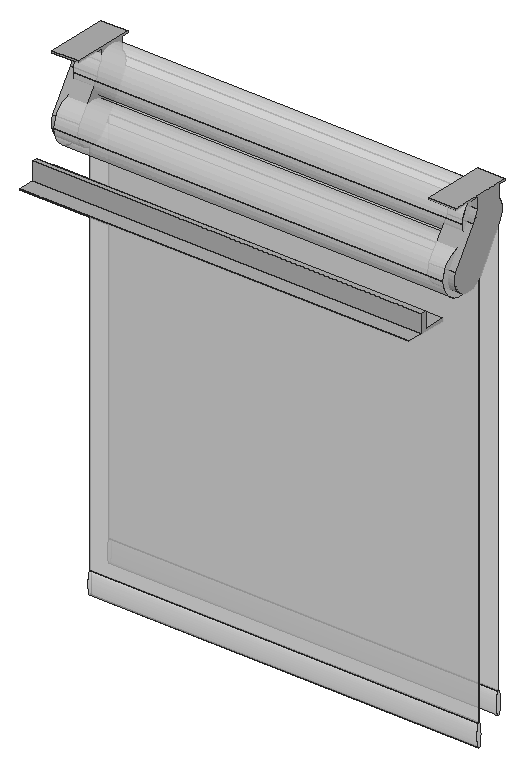
Revit family "Window-Treatment_Solar-Shade_SWFcontract_Motorized-Dual", category Specialty Equipment, Revit 2026
Family settings
  Round Connector Dimension = Use Diameter
  Part Type = Normal
  Classification Number = 23.30.60.14.21
  Work Plane-Based = Yes
  Enable Cutting in Views = No
  Always vertical = No
  Cut with Voids When Loaded = No
  Maintain Annotation Orientation = No
  Shared = No
  Room Calculation Point = No
Parameters
  rollrad [instance] = Roll Diameter / 2  # 0' - 1 13/16"
  pocketlipcontrol [instance] = if(Pocket with No Lip, 0' 0", 0' 0 1/2")  # 0' - 0 1/2"
  percentopenr [instance] = (Unit Height - (0' 2 1/16" + 0' 3")) - ((Unit Height - (0' 2 1/16" + 0' 3")) * (Percent Open / 100))  # 2' - 9 15/32"
  percentopenf [instance] = (Unit Height - (0' 5 9/16" + 0' 3")) - ((Unit Height - (0' 5 9/16" + 0' 3")) * (Percent Open / 100))  # 2' - 7 23/32"
  fasciahcontrol = if(Fascia Height = 0' 0", 0' 1", Fascia Height)  # 0' - 8"
  fasciadcontrol = if(Fascia Depth = 0' 0", 0' 1", Fascia Depth)  # 0' - 7 1/2"
  controlchainlocate = if(Blackout Option, 0' 2 1/4", 0' 0 1/4")  # 0' - 0 1/4"
  Without Fascia = yes
  With Fascia = not(Without Fascia)  # no
  Warranty Duration (Years) = 0
  Unit Width = 2' - 8"
  Unit Height = 6' - 0"
  URL = "http://www.swfcontract.com/Pages/Home.aspx"
  Specification = "http://www.arcat.com/sdspecs/htm/12490swf.htm"
  SpecWizard = "http://www.arcat.com/specwizard/clients/springsw.html?coid=46294"
  Shade Material_Interior [instance] = Fabric - SWFcontract - Solar as Specified
  Shade Material_Exterior [instance] = Fabric - SWFcontract - Solar as Specified
  Send Message = "http://www.arcat.com/users.pl?action=UserEmail&company=SWFcontract&coid=46294&rep=147&fax=&mf="
  Sales Information = "http://www.swfcontract.com/Pages/Contact-Us.aspx"
  Roll Inner Tube Diameter [instance] = 0' - 0.94726"
  Roll Diameter [instance] = 0' - 3 5/8"
  Revision = "R1_03-2014"
  Product Properties = ""
  Product Data = "http://www.arcat.com/arcatcos/cos46/arc46294.html"
  Pocket with No Lip [instance] = no
  Pocket Closure Depth [instance] = 0' - 2 1/8"
  Pocket Closure = yes
  Percent Open [instance] = 50
  Model = "As Specified"
  Manufacturer Website = "http://www.swfcontract.com/Pages/Home.aspx"
  Manufacturer Phone - Toll Free = "800-327-9798"
  Manufacturer Phone = ""
  Manufacturer Fax = ""
  Manufacturer Address = "7549 Graber Rd.  Middleton, WI 53562-1096"
  Manufacturer = "SWFcontract"
  Maintenance Schedule (Months) = 0
  Keynote = "12490"
  Installation-Fabrication = ""
  Installation Phase = ""
  Green Building-LEED = "http://www.arcat.com/green/clients/leed_data_46294.html"
  Fixture Material [instance] = Metal - Aluminum - SWFcontract - Finish as Specified
  Fascia Height = 0' - 8"
  Fascia Depth = 0' - 7 1/2"
  Fabric Inset = 0' - 0 9/16"
  Expected Lifespan (Years) = 0
  Electrical_Voltage [instance] = 0 V
  Electric Motor = "as Specified"
  Drawn By = "Sumex Design, Inc. / Robert S. Weygant, CSI, CDT, SCIP"
  Description = "SWFcontract Window Treatment as Specified"
  Default Elevation = 0' - 0"
  Copyright = "©Arcat Inc."
  Control Chain Right [instance] = yes
  Control Chain Left [instance] = not(Control Chain Right)  # no
  Construction Details = "http://www.arcat.com/details/springsw/springsw.html?coid=46294"
  Blackout Option = no
  Available Options = "as Specified"
  Assembly Code = "E2010320"
Reference planes (in)
  plane 1 "Vertical Surface": y = 0
  plane 2 "Bottom": z = 0
  plane 3 "Center (Left/Right)": x = 0
  plane 4 "Left": x = -16
  plane 5 "Right": x = 16
  plane 6 "Top": z = 72
  plane 7: y = -7.5
  plane 8: z = 64
  plane 9: z = 70
  plane 10: x = -15.4375
  plane 11: x = 15.4375
  plane 12: z = 33.53125
  plane 13: z = 69
  plane 14: z = 32.09375
  plane 15: z = 67
  plane 16: z = 63.8125
  plane 17: z = 66.8125
  plane 18: y = -1.625
  plane 19: y = -3.5625
Forms (in)
  Extrusion 1, solid, material "Fabric - SWFcontract - Solar as Specified" <- "Shade Material_Exterior"
    sketch origin (0, 0, 0) x (0, 1, 0) y (0, 0, 1)
      loop
        circle (-1.625, 70) r 1.8125
    from -15.4375 to 15.4375
  Extrusion 2, solid, material "Fabric - SWFcontract - Solar as Specified" <- "Shade Material_Exterior"
    sketch origin (0, 0, 0) x (0, 1, 0) y (0, 0, 1)
      loop
        line (0.1875, 70) -> (0.09375, 70) -> (0.09375, 35.28125)
        spline (0.09375, 35.28125) -> (0.05331, 35.25144) -> (0.01562, 35.16402) -> (-0.01674, 35.02497) -> (-0.04157, 34.84375) -> (-0.05718, 34.63272) -> (-0.0625, 34.40625) -> (-0.05718, 34.17978) -> (-0.04157, 33.96875) -> (-0.01674, 33.78753) -> (0.01562, 33.64848) -> (0.05331, 33.56106) -> (0.09375, 33.53125)
        line (0.09375, 33.53125) -> (0.1875, 33.53125)
        spline (0.1875, 33.53125) -> (0.22782, 33.56106) -> (0.26539, 33.64848) -> (0.29766, 33.78753) -> (0.32241, 33.96875) -> (0.33798, 34.17978) -> (0.34329, 34.40625) -> (0.33798, 34.63272) -> (0.32241, 34.84375) -> (0.29766, 35.02497) -> (0.26539, 35.16402) -> (0.22782, 35.25144) -> (0.1875, 35.28125)
        line (0.1875, 35.28125) -> (0.1875, 70)
    from -15.4375 to 15.4375
  Extrusion 3, solid, material "Metal - Aluminum - SWFcontract - Finish as Specified" <- "Fixture Material", visible <- "Blackout Option"
    sketch origin (0, 0, 0) x (1, 0, 0) y (0, 0, 1)
      loop
        line (-16, 0) -> (16, 0) -> (16, 69) -> (14, 69) -> (14, 2) -> (-14, 2) -> (-14, 69) -> (-16, 69) -> (-16, 0)
    from 0 to 1
  Extrusion 4, solid, material "Metal - Aluminum - SWFcontract - Finish as Specified" <- "Fixture Material", visible <- "Pocket Closure"
    sketch origin (0, 0, 0) x (0, 1, 0) y (0, 0, 1)
      loop
        line (-5.375, 64) -> (-5.375, 64.25) -> (-7.125, 64.25) -> (-7.125, 65.5) -> (-7.5, 65.5) -> (-7.5, 64.0625) -> (-8.75, 64.0625) -> (-8.75, 64) -> (-5.375, 64)
    from -15.4375 to 15.4375
  Extrusion 5, solid, material "Metal - Aluminum - SWFcontract - Finish as Specified" <- "Fixture Material", visible <- "Without Fascia"
    sketch origin (16, 16.34522, 48) x (0, 1, 0) y (0, 0, 1)
      loop
        line (-19.34292, 22.07951) -> (-21.15231, 19.39697)
        arc (-21.15231, 19.39697) -> (-20.60015, 17.62458) -> (-18.78581, 18.01755) r 1.375
        line (-18.78581, 18.01755) -> (-16.79589, 21.28476)
        arc (-16.79589, 21.28476) -> (-16.60096, 22.12549) -> (-16.94545, 22.91678) r 1.375
        line (-16.94545, 22.91678) -> (-16.94545, 23.84375) -> (-16.34522, 23.84375) -> (-16.34522, 24) -> (-21.22022, 24) -> (-21.22022, 23.84375) -> (-18.94545, 23.84375) -> (-18.94545, 22.9693)
        arc (-18.94545, 22.9693) -> (-19.22566, 22.5608) -> (-19.34292, 22.07951) r 1.375
    from 0 to -2.125
  Extrusion 6, solid, material "Metal - Aluminum - SWFcontract - Finish as Specified" <- "Fixture Material", visible <- "Without Fascia"
    sketch origin (-16, 16.34522, 48) x (0, 1, 0) y (0, 0, 1)
      loop
        line (-19.34292, 22.07951) -> (-21.15231, 19.39697)
        arc (-21.15231, 19.39697) -> (-20.60015, 17.62458) -> (-18.78581, 18.01755) r 1.375
        line (-18.78581, 18.01755) -> (-16.79589, 21.28476)
        arc (-16.79589, 21.28476) -> (-16.60096, 22.12549) -> (-16.94545, 22.91678) r 1.375
        line (-16.94545, 22.91678) -> (-16.94545, 23.84375) -> (-16.34522, 23.84375) -> (-16.34522, 24) -> (-21.22022, 24) -> (-21.22022, 23.84375) -> (-18.94545, 23.84375) -> (-18.94545, 22.9693)
        arc (-18.94545, 22.9693) -> (-19.22566, 22.5608) -> (-19.34292, 22.07951) r 1.375
    from 0 to 2.125
  Extrusion 7, solid, material "Metal - Aluminum - SWFcontract - Finish as Specified" <- "Fixture Material", visible <- "With Fascia"
    sketch origin (-16, 16.34522, 48) x (0, 1, 0) y (0, 0, 1)
      loop
        line (-18.40772, 17.6875) -> (-16.34522, 17.6875) -> (-16.34522, 24) -> (-21.22022, 24) -> (-21.22022, 22.75) -> (-22.25147, 22.75) -> (-22.25147, 23.625) -> (-22.40772, 23.625) -> (-22.40772, 16.125) -> (-21.90772, 16.125) -> (-21.90772, 17.6875) -> (-21.40772, 17.6875)
        arc (-21.40772, 17.6875) -> (-19.90772, 16.9375) -> (-18.40772, 17.6875) r 1.875
    from 0 to 2.125
  Extrusion 8, solid, material "Metal - Aluminum - SWFcontract - Finish as Specified" <- "Fixture Material", visible <- "With Fascia"
    sketch origin (16, 16.34522, 48) x (0, 1, 0) y (0, 0, 1)
      loop
        line (-16.34522, 24) -> (-21.22022, 24) -> (-21.22022, 22.75) -> (-22.25147, 22.75) -> (-22.25147, 23.625) -> (-22.40772, 23.625) -> (-22.40772, 16.125) -> (-21.90772, 16.125) -> (-21.90772, 17.6875) -> (-21.40772, 17.6875)
        arc (-21.40772, 17.6875) -> (-19.90772, 16.9375) -> (-18.40772, 17.6875) r 1.875
        line (-18.40772, 17.6875) -> (-16.34522, 17.6875) -> (-16.34522, 24)
    from 0 to -2.125
  Extrusion 9, solid, material "Metal - Aluminum - SWFcontract - Finish as Specified" <- "Fixture Material", visible <- "With Fascia"
    sketch origin (0, 0, 0) x (0, 1, 0) y (0, 0, 1)
      loop
        line (-5.68625, 71.6875) -> (-6.18625, 71.6875) -> (-6.18625, 64.0625) -> (-3.85323, 64.0625) -> (-3.85323, 64.625) -> (-6.0625, 64.625) -> (-6.0625, 71.625) -> (-5.81125, 71.625) -> (-5.81125, 71.5625) -> (-5.68625, 71.5625) -> (-5.68625, 71.6875)
    from -16 to 16
  Extrusion 10, void
    sketch origin (0, 0, 0) x (0, 1, 0) y (0, 0, 1)
      loop
        line (-7.5, 64.5) -> (-7.5, 65) -> (-9, 65) -> (-9, 64.5) -> (-7.5, 64.5)
    from -16 to 16
  Extrusion 11, solid, material "Fabric - SWFcontract - Solar as Specified" <- "Shade Material_Interior"
    sketch origin (0, 0, 0) x (0, 1, 0) y (0, 0, 1)
      loop
        circle (-3.5625, 66.8125) r 1.8125
    from -15.4375 to 15.4375
  Extrusion 12, solid, material "Fabric - SWFcontract - Solar as Specified" <- "Shade Material_Interior"
    sketch origin (0, 0, 0) x (0, 1, 0) y (0, 0, 1)
      loop
        line (-1.75, 66.8125) -> (-1.84375, 66.8125) -> (-1.84375, 33.84375)
        spline (-1.84375, 33.84375) -> (-1.88419, 33.81394) -> (-1.92188, 33.72652) -> (-1.95424, 33.58747) -> (-1.97907, 33.40625) -> (-1.99468, 33.19522) -> (-2, 32.96875) -> (-1.99468, 32.74228) -> (-1.97907, 32.53125) -> (-1.95424, 32.35003) -> (-1.92188, 32.21098) -> (-1.88419, 32.12356) -> (-1.84375, 32.09375)
        line (-1.84375, 32.09375) -> (-1.75, 32.09375)
        spline (-1.75, 32.09375) -> (-1.70968, 32.12356) -> (-1.67211, 32.21098) -> (-1.63984, 32.35003) -> (-1.61509, 32.53125) -> (-1.59952, 32.74228) -> (-1.59421, 32.96875) -> (-1.59952, 33.19522) -> (-1.61509, 33.40625) -> (-1.63984, 33.58747) -> (-1.67211, 33.72652) -> (-1.70968, 33.81394) -> (-1.75, 33.84375)
        line (-1.75, 33.84375) -> (-1.75, 66.8125)
    from -15.4375 to 15.4375
Cuts and joins
  Extrusion 10 cuts Extrusion 2
  joined: Extrusion 1, Extrusion 2
  Extrusion 10 cuts Extrusion 4
  joined: Extrusion 11, Extrusion 12
Dimensions and locks (in)
  equal spacing: plane 4 "Left", plane 3 "Center (Left/Right)", plane 5 "Right"
  "Unit Width": plane 4 "Left" to plane 5 "Right"
  "Unit Height": plane 6 "Top" to level
  "Roll Diameter": Extrusion 1 sketch curve to Extrusion 1 sketch curve
  locked: plane 9 to Extrusion 1 sketch curve at 0
  "Fabric Inset": plane 10 to plane 4 "Left"
  "Fabric Inset": plane 5 "Right" to plane 11
  "fasciahcontrol": plane 6 "Top" to plane 8
  "fasciadcontrol": plane 7 to plane 1 "Vertical Surface"
  locked: Extrusion 2 sketch curve to Extrusion 2 sketch curve at 0.09375
  locked: Extrusion 2 sketch curve to Extrusion 2 sketch curve at 0.15579
  locked: Extrusion 2 sketch curve to Extrusion 2 sketch curve at 0.15625
  Extrusion 2 sketch curve to Extrusion 2 sketch curve to plane 12 = 0' - 0 7/8" locked, 0' - 0 7/8" locked  (x2)
  locked: Extrusion 3 sketch curve to level at 2
  locked: plane 5 "Right" to Extrusion 3 sketch curve at 2
  locked: Extrusion 3 sketch curve to plane 4 "Left" at 2
  locked: Extrusion 4 sketch curve to plane 7 at 1.25
  "Pocket Closure Depth": plane 7 to Extrusion 4 sketch curve
  Extrusion 4 sketch curve to Extrusion 4 sketch curve to Extrusion 4 sketch curve to plane 8 = 0' - 1 1/4" locked, 0' - 0 3/16" locked, 0' - 0 1/16" locked
  locked: plane 6 "Top" to plane 9 at 2
  locked: plane 6 "Top" to plane 13 at 3
  plane 6 "Top" to Extrusion 9 sketch curve to Extrusion 9 sketch curve to Extrusion 9 sketch curve to Extrusion 9 sketch curve to Extrusion 9 sketch curve = 0' - 0 5/16" locked, 0' - 0 1/16" locked, 0' - 0 1/16" locked, 0' - 6 15/16" locked, 0' - 0 9/16" locked
  Extrusion 9 sketch curve to Extrusion 9 sketch curve to Extrusion 9 sketch curve to Extrusion 9 sketch curve to Extrusion 9 sketch curve to plane 1 "Vertical Surface" = 0' - 0.12375" locked, 0' - 0.25125" locked, 0' - 0 1/8" locked, 0' - 1.83302" locked, 0' - 3.85323" locked
  "pocketlipcontrol": Extrusion 10 sketch curve to plane 8
  locked: Extrusion 10 sketch curve to plane 8 at 1
  locked: Extrusion 10 sketch curve to plane 7 at 1.5
  locked: plane 9 to plane 15 at 3
  locked: plane 6 "Top" to plane 17 at 5.1875
  locked: plane 16 to plane 17 at 3
  "percentopenr": plane 15 to plane 12
  "percentopenf": plane 16 to plane 14
  "Roll Diameter": Extrusion 11 sketch curve to Extrusion 11 sketch curve
  locked: Extrusion 11 sketch curve to plane 17 at 0
  locked: Extrusion 12 sketch curve to Extrusion 12 sketch curve at 0.09375
  locked: Extrusion 12 sketch curve to Extrusion 12 sketch curve at 0.15579
  locked: Extrusion 12 sketch curve to Extrusion 12 sketch curve at 0.15625
  locked: Extrusion 12 sketch curve to Extrusion 12 sketch curve at 0.875  (x2)
  locked: Extrusion 12 sketch curve to plane 14 at 0.875  (x2)
  Extrusion 5 sketch curve to Extrusion 5 sketch curve to Extrusion 5 sketch curve to plane 1 "Vertical Surface" = 0' - 2.27477" locked, 0' - 2" locked, 0' - 0.60023" locked
  locked: plane 6 "Top" to Extrusion 5 sketch curve at 5.1875
  locked: plane 6 "Top" to Extrusion 5 sketch curve at 2  (x2)
  locked: Extrusion 5 sketch curve to plane 1 "Vertical Surface" at 1.625  (x2)
  locked: Extrusion 5 sketch curve to plane 1 "Vertical Surface" at 3.5625
  Extrusion 6 sketch curve to Extrusion 6 sketch curve to Extrusion 6 sketch curve to plane 1 "Vertical Surface" = 0' - 2.27477" locked, 0' - 2" locked, 0' - 0.60023" locked
  locked: plane 6 "Top" to Extrusion 6 sketch curve at 2  (x2)
  locked: plane 6 "Top" to Extrusion 6 sketch curve at 5.1875
  locked: Extrusion 6 sketch curve to plane 1 "Vertical Surface" at 1.625  (x2)
  locked: Extrusion 6 sketch curve to plane 1 "Vertical Surface" at 3.5625
  locked: plane 18 to plane 1 "Vertical Surface" at 1.625
  locked: Extrusion 1 sketch curve to plane 18
  "rollrad": plane 18 to Extrusion 2 sketch curve
  locked: plane 19 to plane 1 "Vertical Surface" at 3.5625
  locked: Extrusion 11 sketch curve to plane 19
  "rollrad": plane 19 to Extrusion 12 sketch curve
  Extrusion 8 sketch curve to Extrusion 8 sketch curve to Extrusion 8 sketch curve to Extrusion 8 sketch curve to plane 1 "Vertical Surface" = 0' - 0 1/2" locked, 0' - 0 1/2" locked, 0' - 3" locked, 0' - 2 1/16" locked
  Extrusion 8 sketch curve to Extrusion 8 sketch curve to plane 1 "Vertical Surface" = 0' - 1 1/32" locked, 0' - 4 7/8" locked
  locked: plane 6 "Top" to Extrusion 8 sketch curve at 5.1875
  Extrusion 7 sketch curve to Extrusion 7 sketch curve to plane 1 "Vertical Surface" = 0' - 1 1/32" locked, 0' - 4 7/8" locked
  Extrusion 7 sketch curve to Extrusion 7 sketch curve to Extrusion 7 sketch curve to Extrusion 7 sketch curve to plane 1 "Vertical Surface" = 0' - 0 1/2" locked, 0' - 0 1/2" locked, 0' - 3" locked, 0' - 2 1/16" locked
  plane 6 "Top" to Extrusion 8 sketch curve to Extrusion 8 sketch curve to Extrusion 8 sketch curve to Extrusion 8 sketch curve to Extrusion 8 sketch curve = 0' - 0 3/8" locked, 0' - 0 7/8" locked, 0' - 5 1/16" locked, 0' - 0" locked, 0' - 1 9/16" locked
  plane 6 "Top" to Extrusion 7 sketch curve to Extrusion 7 sketch curve to Extrusion 7 sketch curve to Extrusion 7 sketch curve to Extrusion 7 sketch curve = 0' - 0 3/8" locked, 0' - 0 7/8" locked, 0' - 5 1/16" locked, 0' - 0" locked, 0' - 1 9/16" locked
  locked: plane 6 "Top" to Extrusion 7 sketch curve at 5.1875
  aligned and locked: plane 11 to Extrusion 1
  aligned and locked: Extrusion 1 to plane 10
  aligned and locked: plane 9 to Extrusion 2 sketch curve
  aligned and locked: Extrusion 2 to plane 10
  aligned and locked: Extrusion 2 to plane 11
  aligned and locked: Extrusion 2 sketch curve to plane 12
  aligned and locked: Extrusion 3 sketch curve to plane 4 "Left"
  aligned and locked: Extrusion 3 sketch curve to plane 5 "Right"
  aligned and locked: plane 7 to Extrusion 4 sketch curve
  aligned: plane 5 "Right" to Extrusion 4
  aligned: Extrusion 4 to plane 4 "Left"
  aligned and locked: Extrusion 4 to plane 10
  aligned and locked: plane 11 to Extrusion 4
  aligned: plane 5 "Right" to Extrusion 8
  aligned and locked: plane 13 to Extrusion 3 sketch curve
  aligned and locked: Extrusion 3 sketch curve to plane 13
  aligned and locked: plane 5 "Right" to Extrusion 9
  aligned and locked: Extrusion 9 to plane 4 "Left"
  aligned and locked: plane 7 to Extrusion 10 sketch curve
  aligned and locked: plane 5 "Right" to Extrusion 10
  aligned and locked: Extrusion 10 to plane 4 "Left"
  aligned and locked: Extrusion 12 sketch curve to plane 14
  aligned and locked: plane 11 to Extrusion 11
  aligned and locked: Extrusion 11 to plane 10
  aligned and locked: Extrusion 12 to plane 10
  aligned and locked: Extrusion 12 to plane 11
Automatic sketch dimensions
  Extrusion 3 sketch curve to level = 0' - 0"
  Extrusion 4 sketch curve to plane 8 = 0' - 0"
  Extrusion 4 sketch curve to Extrusion 4 sketch curve = 0' - 0 3/8"
  plane 17 to Extrusion 12 sketch curve = 0' - 0"
  Extrusion 5 sketch curve to plane 6 "Top" = 0' - 0"
  Extrusion 5 sketch curve to plane 1 "Vertical Surface" = 0' - 0"
  plane 1 "Vertical Surface" to Extrusion 5 sketch curve = 0' - 0.45067"
  plane 9 to Extrusion 5 sketch curve = 0' - 0.07951"
  Extrusion 5 sketch curve to plane 15 = 0' - 0.98245"
  plane 13 to Extrusion 5 sketch curve = 0' - 0.28476"
  Extrusion 5 sketch curve to plane 6 "Top" = 0' - 0 5/32"  (x2)
  plane 9 to Extrusion 6 sketch curve = 0' - 0.07951"
  Extrusion 6 sketch curve to plane 6 "Top" = 0' - 0 5/32"  (x2)
  plane 1 "Vertical Surface" to Extrusion 6 sketch curve = 0' - 0.45067"
  Extrusion 6 sketch curve to plane 15 = 0' - 0.98245"
  plane 13 to Extrusion 6 sketch curve = 0' - 0.28476"
  Extrusion 6 sketch curve to plane 1 "Vertical Surface" = 0' - 0"
  Extrusion 6 sketch curve to plane 6 "Top" = 0' - 0"
  Extrusion 5 sketch curve to Extrusion 5 sketch curve = 0' - 0.39747"
  Extrusion 5 sketch curve to Extrusion 5 sketch curve = 0' - 1.12191"
  Extrusion 6 sketch curve to Extrusion 6 sketch curve = 0' - 0.39747"
  Extrusion 6 sketch curve to Extrusion 6 sketch curve = 0' - 1.12191"
  plane 15 to Extrusion 5 sketch curve = 0' - 0.39697"
  plane 15 to Extrusion 6 sketch curve = 0' - 0.39697"
  Extrusion 8 sketch curve to plane 6 "Top" = 0' - 0"
  Extrusion 8 sketch curve to plane 1 "Vertical Surface" = 0' - 0"
  Extrusion 7 sketch curve to plane 6 "Top" = 0' - 0"
  Extrusion 7 sketch curve to plane 1 "Vertical Surface" = 0' - 0"
Connectors (in)
  electrical at (16, -4.32813, 68.3125), driven by "Electrical_Voltage"
    settings: on Extrusion 8, index 1, voltage 0 V, apparent load 0 VA, apparent load phase1 0 VA, apparent load phase2 0 VA, apparent load phase3 0 VA, power factor 1, load classification "Motor", number of poles 1, system type 31, power factor state 1, is connector primary yes, connector utility no, sub classification motor no, connector description ""
  electrical at (-16, -2.23725, 70.50332)
    settings: on Extrusion 6, index 2, voltage 0 V, apparent load 0 VA, apparent load phase1 0 VA, apparent load phase2 0 VA, apparent load phase3 0 VA, power factor 1, load classification "Other", number of poles 1, system type 13, power factor state 1, is connector primary no, connector utility no, sub classification motor no, connector description ""
